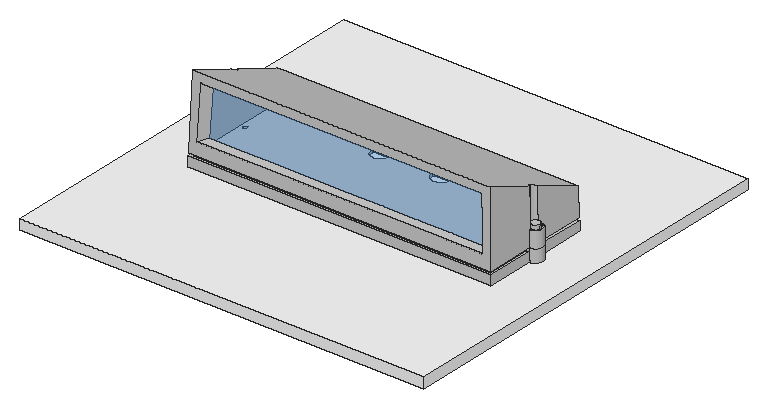
Revit family "BE_24374_de_DE", category Leuchten, Revit 2020
Family settings
  Basisbauteil = Fläche
  Bemaßung runder Anschluss = Durchmesser verwenden
  Teiletyp = Normal
  Beim Laden mit Abzugskörper schneiden = Ja
  Lichtquelle = Ja
  Gemeinsam genutzt = Nein
  Raumberechnungspunkt = Ja
Parameters (values of type "BEGA_24374_Silber_K4")
  built-in parameter 1150104 = 12.765 (stored number, unit not read)
  Wattage = 12.3 W
  Default Elevation = 0 mm
  built-in parameter 1150113 = 1 (stored number, unit not read)
  built-in parameter 1114218 = 1 (stored number, unit not read)
  Umgebungstemperatur = "25 °C"
  URL = "https://www.bega.com/de/produkt/24374"
  Typenkommentare = "© 2022 BEGA. Wir behalten uns das Recht vor, technische Änderungen ohne vorherige Ankündigung vorzunehmen."  # constant formula
  Type Image = 24374.png
  built-in parameter 1150134 = 12
  built-in parameter 1150109 = 1 (stored number, unit not read)
  Strom = ""
  built-in parameter 1150110 = 1 (stored number, unit not read)
  Spannung = 239.996 V
  Sonderanfertigung = no
  Seriennummer [instance] = "Hier können Sie die eindeutige Seriennummer für das Facility Management eintragen."
  Schutzklasse = "I"
  Schutzart = "IP 65"
  Scheinlast = 0 VA
  Produktdatenblatt = "https://cdn.bega.com/bega/products/24374K4/current/documents/data-sheets/de"
  Oberflächentemperatur = ""
  Neigungswinkel = 0.00°
  Modell = "24374AK4"
  Material_17 = BEGA_Reflektor
  Material_15 = BEGA_Leuchtmedium_matt
  Material_11 = BEGA_Glas_opal
  Material_10 = BEGA_Glas_matt
  Material_09 = BEGA_Glas_klar
  Material_06 = BEGA_Oberfläche_Edelstahl_gebürstet
  Material_03 = BEGA_Oberfläche_Weiss_matt
  Material_02 = BEGA_Oberfläche_Silber_matt
  Material_01 [instance] = BEGA_Oberfläche_Grafit_matt
  M_W = no
  M_G = no
  M_A = yes
  Logo = 0
  built-in parameter 1114217 = 1 (stored number, unit not read)
  built-in parameter 1150139 = (empty or 0)
  built-in parameter 1150105 = 134.49 (stored number, unit not read)
  built-in parameter 1150114 = 1 (stored number, unit not read)
  Lumens = 1690.02 lm
  built-in parameter 1150115 = 1 (stored number, unit not read)
  Leuchtenlichtstrom = "1199 lm"
  Leuchtenanzahl = ""
  Lebensdauerkriterien = "L70B50 @ 25 °C = 200000 h"
  Lastklassifizierung = Beleuchtung
  built-in parameter 1150112 = 1 (stored number, unit not read)
  Lampenlichtstrom = "2125 lm"
  Lampe = "LED 12 W"
  LED_Modulbezeichnung = "LED-0519/840"
  built-in parameter 1150142 = (empty or 0)
  Hersteller = "BEGA"  # constant formula
  Halbstreuwinkel = ""
  Gewicht = "1.55 kg"
  Gebrauchslageneinschränkung [instance] = ""
  Frequenz = "0/50-60 Hz"
  Farbwiedergabeindex = "CRI > 80"
  Farbtemperaturverschiebung bei Dämpfen der Lampe = <Keine Auswahl>
  Farbtemperatur = "4000 K"
  Color Filter = 16777215
  built-in parameter 1150133 = 10 (stored number, unit not read)
  Energieeffizienzklasse = "LED A++ - A"
  built-in parameter 1150137 = (empty or 0)
  built-in parameter 1150132 = (empty or 0)
  ENEC = "ja"
  Dimmbar [instance] = "DALI"
  Datei für fotometrisches Netz = "BE_24374K4.IES"
  CE_Konformität = "ja"
  Bestellnummer = "24374AK4"
  Beschreibung_Sonderanfertigung = "Hier können Sie Informationen zur Sonderanfertigung eintragen."
  Beschreibung = "Wandleuchte"
  built-in parameter 1150106 = 1.3449 (stored number, unit not read)
  Befestigungsbohrung = "Ø 5 mm"
  Befestigungsabstand = "274 mm"
  Ballwurfsicher = ""
  BEGA_Intern_aus = yes
  BEGA_Intern_an = yes
  BEGA_Intern_Konstruktion = yes
  BEGA_Intern = yes
  BEGA_IES = yes
  BEGA_Dummy = no
  Anschlussleitung = ""
  Anschlussleistung [instance] = "15 W"
  Anschlusskasten = ""
  built-in parameter 1150107 = 4000 (stored number, unit not read)
  built-in parameter 1150102 = (empty or 0)
  built-in parameter 1150138 = (empty or 0)
  Aktualisierung = "2022-05-18T04:00:07"
  Abstand_zur_angestrahlten_Fläche [instance] = ""
  AC/DC = "AC/DC"
Types (4, lengths in mm): name | built-in parameter 1150134 | Modell | M_G | M_A | Leuchtenlichtstrom | Lampenlichtstrom | LED_Modulbezeichnung | Farbtemperatur | Datei für fotometrisches Netz | Bestellnummer | built-in parameter 1150107
  BEGA_24374_Grafit_K4 | 12 | "24374K4" | yes | no | "1199 lm" | "2125 lm" | "LED-0519/840" | "4000 K" | "BE_24374K4.IES" | "24374K4" | 4000 (stored number, unit not read)
  BEGA_24374_Silber_K3 | (empty or 0) | "24374AK3" | no | yes | "1182 lm" | "2095 lm" | "LED-0519/830" | "3000 K" | "BE_24374K3.IES" | "24374AK3" | 3000 (stored number, unit not read)
  BEGA_24374_Grafit_K3 | (empty or 0) | "24374K3" | yes | no | "1182 lm" | "2095 lm" | "LED-0519/830" | "3000 K" | "BE_24374K3.IES" | "24374K3" | 3000 (stored number, unit not read)
  BEGA_24374_Silber_K4 | 12 | "24374AK4" | no | yes | "1199 lm" | "2125 lm" | "LED-0519/840" | "4000 K" | "BE_24374K4.IES" | "24374AK4" | 4000 (stored number, unit not read)
Reference planes
  plane 1 "Mitte (Vorne/Hinten)": y = 0
  plane 2: z = 0
  plane 3 "Mitte (Links/Rechts)": x = 0
  plane 4 "Links": x = -157.5
  plane 5 "Rechts": x = 157.5
  plane 6 "Unten": y = -55
  plane 7 "Oben": y = 55
  plane 8 "Vorne": z = 85
  plane 9 "Hinten": z = 0
Forms (mm)
  Extrusion 1, solid, material "BEGA_Platte_Weiss"
    sketch origin (0, -1119.2, 0) x (1, 0, 0) y (0, 1, 0)
      loop
        line (-200, 1319.2) -> (-200, 919.2) -> (200, 919.2) -> (200, 1319.2) -> (-200, 1319.2)
    from 0 to -10
  Extrusion 2, solid, material "BEGA_Dummy_matt", visible <- "BEGA_Dummy"
    sketch origin (80.095, -76.023, 0) x (1, 0, 0) y (0, 1, 0)
      loop
        line (-237.595, 131.023) -> (-237.595, 21.023) -> (77.404, 21.023) -> (77.404, 131.023) -> (-237.595, 131.023)
    from 0 to 25.379
Dimensions and locks
  plane 1 "Mitte (Vorne/Hinten)" to Extrusion 1 = 200 mm
  aligned and locked: plane 2 to Extrusion 1
  aligned and locked: level to Extrusion 1
Nested families
  nested 1: "BE_24374" at (0, 0, 0), type "BE_24374"
Connectors
  electrical at (0, 0, 0), driven by "Lastklassifizierung", driven by "Spannung", driven by "Scheinlast"
    settings: index 1, voltage 239.996 V, apparent load 0 VA, apparent load phase1 0 VA, apparent load phase2 0 VA, apparent load phase3 0 VA, power factor 1, load classification "Beleuchtung", number of poles 1, system type 31, power factor state 1, is connector primary yes, connector utility no, sub classification motor no, connector description ""
Definition of nested family "BE_24374"
  Parameters (values of type "BE_24374")
    Default Elevation = 1 mm
    URL = "http://www.bega.de/de/produkt"
    Type Comments = "© 2015 BEGA. Wir behalten uns das Recht vor, technische Änderungen ohne vorherige Ankündigung vorzunehmen. "  # constant formula
    Type Image = (empty or 0)
    Material_17 = none
    Material_15 = none
    Material_11 = none
    Material_10 = none
    Material_09 = none
    Material_06 = none
    Material_03 = none
    Material_02 = none
    Material_01 = none
    M_W = yes
    M_G = yes
    M_A = yes
    Länge_Platte = 400 mm  # constant formula
    Höhe_Platte = -10 mm  # constant formula
    Manufacturer = "BEGA"  # constant formula
    Breite_Platte = 200 mm  # constant formula
  Reference planes
    plane 1 "Mitte (Oben/Unten)": y = 0
    plane 2: z = 0
    plane 3 "Mitte (Links/Rechts)": x = 0
    plane 4 "Hinten": z = 0
    plane 5 "Unten": y = -55
    plane 6: x = -157.5
    plane 7: z = 85
    plane 8: x = 157.5
    plane 9: y = 55
  Forms (mm)
    Extrusion 1, solid, detail levels medium
      sketch origin (0, 0, 0) x (1, 0, 0) y (0, 1, 0)
        loop
          line (-200, 100) -> (-200, -100) -> (200, -100) -> (200, 100) -> (-200, 100)
      from 0 to -10 <- "Höhe_Platte"
    Extrusion 2, solid, material <- "Material_01", visible <- "M_G", detail levels medium+fine
      sketch origin (0, 0, 0) x (0, 1, 0) y (0, 0, 1)
        loop
          line (54.6, 12) -> (53.615, 40.2) -> (-52.051, 85) -> (-54.6, 12) -> (-52.3, 12) -> (-52.143, 16.5) -> (-45.263, 16.5) -> (-43.091, 78.703) -> (44.386, 41.615) -> (45.263, 16.5) -> (52.143, 16.5) -> (52.3, 12) -> (54.6, 12)
      from -149.58 to 149.58
    Extrusion 3, solid, material <- "Material_01", visible <- "M_G", detail levels medium+fine
      sketch origin (0, 0, 0) x (0, 1, 0) y (0, 0, 1)
        loop
          line (53.615, 40.2) -> (-52.051, 85) -> (-54.6, 12) -> (54.6, 12) -> (53.615, 40.2)
      from -149.58 to -143.033
    Extrusion 4, solid, material <- "Material_01", visible <- "M_G", detail levels medium+fine
      sketch origin (0, 0, 0) x (0, 1, 0) y (0, 0, -1)
        loop
          line (53.615, -40.2) -> (54.6, -12) -> (-54.6, -12) -> (-52.051, -85) -> (53.615, -40.2)
      from -149.58 to -143.878
    Extrusion 5, void
      sketch origin (0, 0, 0) x (1, 0, 0) y (0, 0, 1)
        loop
          line (-146.975, 86.584) -> (-149.58, 86.584) -> (-149.58, 12) -> (-146.975, 86.584)
      from -56.602 to 58.291
    Extrusion 6, void
      sketch origin (0, 0, 0) x (-1, 0, 0) y (0, 0, -1)
        loop
          line (-146.975, -86.584) -> (-149.58, -12) -> (-149.58, -86.584) -> (-146.975, -86.584)
      from -56.602 to 58.291
    Extrusion 7, solid, material <- "Material_01", visible <- "M_G", detail levels medium+fine
      sketch origin (0, 0, 0) x (-1, 0, 0) y (0, -1, 0)
        loop
          line (-146.067, -7.186) -> (-146.067, 7.186) -> (-150, 7.186)
          arc (-150, 7.186) -> (-157.186, 0.001) -> (-150.002, -7.186) r 7.186
          line (-150.002, -7.186) -> (-146.067, -7.186)
      from 12 to 28
    Sweep 8, solid, material <- "Material_01", visible <- "M_G", detail levels medium+fine
      path in 3D
        loop
          line (-149.58, 54.6, 12) -> (-149.58, -54.6, 12) -> (149.58, -54.6, 12) -> (149.58, 54.6, 12) -> (-149.58, 54.6, 12)
      profile origin (0, 54.6, 12) x (0, 1, 0) y (0, 0, -1)
        loop
          line (0.4, 12) -> (-1.901, 12) -> (-2.102, 6.267)
          arc (-2.102, 6.267) -> (-2.406, 5.581) -> (-3.116, 5.3) r 1
          arc (-3.116, 5.3) -> (-4.504, 4.739) -> (-5.114, 3.372) r 2
          line (-5.114, 3.372) -> (-5.246, -0.4) -> (-27.587, -0.4) -> (-27.587, -2.7) -> (-3.025, -2.7) -> (-2.826, 3) -> (0.086, 3) -> (0.4, 12)
    Extrusion 9, solid, material <- "Material_01", visible <- "M_G", detail levels medium+fine
      sketch origin (0, 0, 0) x (1, 0, 0) y (0, 1, 0)
        loop
          line (-121.993, 27.013) -> (-121.993, -27.013) -> (121.993, -27.013) -> (121.993, 27.013) -> (-121.993, 27.013)
      from 14.7 to 12.4
    Extrusion 10, solid, material <- "Material_01", visible <- "M_G", detail levels medium+fine
      sketch origin (0, 0, 0) x (-1, 0, 0) y (0, -1, 0)
        loop
          line (-145.279, -7.5) -> (-145.279, 7.5) -> (-150, 7.5)
          arc (-150, 7.5) -> (-157.5, 0.001) -> (-150.001, -7.5) r 7.5
          line (-150.001, -7.5) -> (-145.279, -7.5)
      from 0 to 12
    Extrusion 11, solid, material <- "Material_01", visible <- "M_G", detail levels medium+fine
      sketch origin (0, 0, 0) x (1, 0, 0) y (0, 1, 0)
        loop
          line (-146.067, 7.186) -> (-150.002, 7.186)
          arc (-150.002, 7.186) -> (-157.186, -0.001) -> (-150, -7.186) r 7.186
          line (-150, -7.186) -> (-146.067, -7.186) -> (-146.067, 7.186)
      from 12 to 28
    Extrusion 12, solid, material <- "Material_01", visible <- "M_G", detail levels medium+fine
      sketch origin (0, 0, 0) x (1, 0, 0) y (0, 1, 0)
        loop
          line (-145.279, 7.5) -> (-150.001, 7.5)
          arc (-150.001, 7.5) -> (-157.5, -0.001) -> (-150, -7.5) r 7.5
          line (-150, -7.5) -> (-145.279, -7.5) -> (-145.279, 7.5)
      from 0 to 12
    Sweep 13, solid, material <- "Material_02", visible <- "M_A", detail levels medium+fine
      path in 3D
        loop
          line (-149.58, 54.6, 12) -> (-149.58, -54.6, 12) -> (149.58, -54.6, 12) -> (149.58, 54.6, 12) -> (-149.58, 54.6, 12)
      profile origin (0, 54.6, 12) x (0, 1, 0) y (0, 0, -1)
        loop
          line (0.4, 12) -> (-1.901, 12) -> (-2.102, 6.267)
          arc (-2.102, 6.267) -> (-2.406, 5.581) -> (-3.116, 5.3) r 1
          arc (-3.116, 5.3) -> (-4.504, 4.739) -> (-5.114, 3.372) r 2
          line (-5.114, 3.372) -> (-5.246, -0.4) -> (-27.587, -0.4) -> (-27.587, -2.7) -> (-3.025, -2.7) -> (-2.826, 3) -> (0.086, 3) -> (0.4, 12)
    Extrusion 14, solid, material <- "Material_02", visible <- "M_A", detail levels medium+fine
      sketch origin (0, 0, 0) x (1, 0, 0) y (0, 1, 0)
        loop
          line (-121.993, 27.013) -> (-121.993, -27.013) -> (121.993, -27.013) -> (121.993, 27.013) -> (-121.993, 27.013)
      from 14.7 to 12.4
    Extrusion 15, solid, material <- "Material_02", visible <- "M_A", detail levels medium+fine
      sketch origin (0, 0, 0) x (-1, 0, 0) y (0, -1, 0)
        loop
          line (-145.279, -7.5) -> (-145.279, 7.5) -> (-150, 7.5)
          arc (-150, 7.5) -> (-157.5, 0.001) -> (-150.001, -7.5) r 7.5
          line (-150.001, -7.5) -> (-145.279, -7.5)
      from 0 to 12
    Extrusion 16, solid, material <- "Material_02", visible <- "M_A", detail levels medium+fine
      sketch origin (0, 0, 0) x (1, 0, 0) y (0, 1, 0)
        loop
          line (-145.279, 7.5) -> (-150.001, 7.5)
          arc (-150.001, 7.5) -> (-157.5, -0.001) -> (-150, -7.5) r 7.5
          line (-150, -7.5) -> (-145.279, -7.5) -> (-145.279, 7.5)
      from 0 to 12
    Extrusion 17, solid, material <- "Material_02", visible <- "M_A", detail levels medium+fine
      sketch origin (0, 0, 0) x (0, 1, 0) y (0, 0, 1)
        loop
          line (54.6, 12) -> (53.615, 40.2) -> (-52.051, 85) -> (-54.6, 12) -> (-52.3, 12) -> (-52.143, 16.5) -> (-45.263, 16.5) -> (-43.091, 78.703) -> (44.386, 41.615) -> (45.263, 16.5) -> (52.143, 16.5) -> (52.3, 12) -> (54.6, 12)
      from -149.58 to 149.58
    Extrusion 18, solid, material <- "Material_02", visible <- "M_A", detail levels medium+fine
      sketch origin (0, 0, 0) x (0, 1, 0) y (0, 0, 1)
        loop
          line (53.615, 40.2) -> (-52.051, 85) -> (-54.6, 12) -> (54.6, 12) -> (53.615, 40.2)
      from -149.58 to -143.033
    Extrusion 19, solid, material <- "Material_02", visible <- "M_A", detail levels medium+fine
      sketch origin (0, 0, 0) x (0, 1, 0) y (0, 0, -1)
        loop
          line (53.615, -40.2) -> (54.6, -12) -> (-54.6, -12) -> (-52.051, -85) -> (53.615, -40.2)
      from -149.58 to -143.878
    Extrusion 20, solid, material <- "Material_02", visible <- "M_A", detail levels medium+fine
      sketch origin (0, 0, 0) x (-1, 0, 0) y (0, -1, 0)
        loop
          line (-146.067, -7.186) -> (-146.067, 7.186) -> (-150, 7.186)
          arc (-150, 7.186) -> (-157.186, 0.001) -> (-150.002, -7.186) r 7.186
          line (-150.002, -7.186) -> (-146.067, -7.186)
      from 12 to 28
    Extrusion 21, solid, material <- "Material_02", visible <- "M_A", detail levels medium+fine
      sketch origin (0, 0, 0) x (1, 0, 0) y (0, 1, 0)
        loop
          line (-146.067, 7.186) -> (-150.002, 7.186)
          arc (-150.002, 7.186) -> (-157.186, -0.001) -> (-150, -7.186) r 7.186
          line (-150, -7.186) -> (-146.067, -7.186) -> (-146.067, 7.186)
      from 12 to 28
    Extrusion 22, void
      sketch origin (0, 0, 0) x (1, 0, 0) y (0, 0, 1)
        loop
          line (-149.58, 12) -> (-146.928, 87.951) -> (-149.58, 87.951) -> (-149.58, 12)
      from -56.602 to 58.291
    Extrusion 23, void
      sketch origin (0, 0, 0) x (-1, 0, 0) y (0, 0, -1)
        loop
          line (-149.58, -12) -> (-149.58, -87.951) -> (-146.928, -87.951) -> (-149.58, -12)
      from -56.602 to 58.291
    Extrusion 24, void
      sketch origin (0, 0, 0) x (1, 0, 0) y (0, 1, 0)
        loop
          circle (-137, 0) r 2.295
        loop
          circle (137, 0) r 2.295
        loop
          circle (-29.98, 32.956) r 8.5
        loop
          circle (30.02, 32.956) r 8.5
      from 0 to 17.494
    Extrusion 25, void
      sketch origin (0, 0, 0) x (1, 0, 0) y (0, 1, 0)
        loop
          circle (-150, 0) r 5.401
        loop
          circle (150, 0) r 5.401
      from 24.531 to 92.967
    Extrusion 26, void
      sketch origin (0, 0, 0) x (1, 0, 0) y (0, 1, 0)
        loop
          circle (-150, 0) r 2.4
        loop
          circle (150, 0) r 2.4
      from 0 to 24.531
    Extrusion 27, solid, material <- "Material_06", detail levels fine
      sketch origin (0, 0, 0) x (1, 0, 0) y (0, 1, 0)
        loop
          circle (-150, 0) r 4.4
        loop
          circle (150, 0) r 4.4
      from 24.531 to 31.246
    Blend 28, void
      base sketch origin (0, 0, 0) x (1, 0, 0) y (0, 0, 1)
        loop
          line (-135.746, 25.489) -> (135.781, 25.489) -> (134.098, 73.703) -> (-134.063, 73.703) -> (-135.746, 25.489)
      top sketch origin (0, 0, 0) x (1, 0, 0) y (0, 0, 1)
        loop
          line (-139.775, 78) -> (-141.637, 24.7) -> (141.637, 24.7) -> (139.775, 78) -> (-139.775, 78)
      from 42.635 to 54.455
    Extrusion 29, solid, material <- "Material_10", detail levels medium+fine
      sketch origin (0, 0, 0) x (0, 1, 0) y (0, 0, 1)
        loop
          line (-38.861, 76.632) -> (-42.859, 76.772) -> (-44.848, 19.807) -> (-40.85, 19.667) -> (-38.861, 76.632)
      from -139.005 to 139.02
  Cuts and joins
    Extrusion 5, Extrusion 6, Extrusion 22, Extrusion 23, Extrusion 24, Extrusion 25, Extrusion 26, Blend 28 cuts Extrusion 2
    Extrusion 5, Extrusion 6, Extrusion 22, Extrusion 23, Extrusion 24, Extrusion 25, Extrusion 26, Blend 28 cuts Extrusion 3
    Extrusion 5, Extrusion 6, Extrusion 22, Extrusion 23, Extrusion 24, Extrusion 25, Extrusion 26, Blend 28 cuts Extrusion 4
    Extrusion 22, Extrusion 24, Extrusion 25, Extrusion 26, Blend 28 cuts Extrusion 7
    Extrusion 23, Extrusion 24, Extrusion 25, Extrusion 26, Blend 28 cuts Extrusion 11
    joined: Extrusion 2, Extrusion 3, Extrusion 4, Extrusion 7, Extrusion 11
    Extrusion 24, Extrusion 25, Extrusion 26 cuts Sweep 8
    Extrusion 24, Extrusion 25, Extrusion 26 cuts Extrusion 9
    Extrusion 24, Extrusion 25, Extrusion 26 cuts Extrusion 10
    Extrusion 24, Extrusion 25, Extrusion 26 cuts Extrusion 12
    joined: Sweep 8, Extrusion 9, Extrusion 10, Extrusion 12
    Extrusion 24, Extrusion 25, Extrusion 26 cuts Sweep 13
    Extrusion 24, Extrusion 25, Extrusion 26 cuts Extrusion 14
    Extrusion 24, Extrusion 25, Extrusion 26 cuts Extrusion 15
    Extrusion 24, Extrusion 25, Extrusion 26 cuts Extrusion 16
    joined: Sweep 13, Extrusion 14, Extrusion 15, Extrusion 16
    Extrusion 22, Extrusion 23, Extrusion 24, Extrusion 25, Extrusion 26, Blend 28 cuts Extrusion 17
    Extrusion 22, Extrusion 23, Extrusion 24, Extrusion 25, Extrusion 26, Blend 28 cuts Extrusion 18
    Extrusion 22, Extrusion 23, Extrusion 24, Extrusion 25, Extrusion 26, Blend 28 cuts Extrusion 19
    Extrusion 22, Extrusion 24, Extrusion 25, Extrusion 26, Blend 28 cuts Extrusion 20
    Extrusion 23, Extrusion 24, Extrusion 25, Extrusion 26, Blend 28 cuts Extrusion 21
    joined: Extrusion 17, Extrusion 18, Extrusion 19, Extrusion 20, Extrusion 21
  Lines and regions (mm)
    sketch lines
      curve 1: line (149.58, 54.6, 12) -> (-149.58, 54.6, 12)
      curve 2: line (149.58, -54.6, 12) -> (-149.58, -54.6, 12)
      curve 3: line (-149.58, -54.6, 12) -> (-149.58, 54.6, 12)
      curve 4: line (149.58, 54.6, 12) -> (149.58, -54.6, 12)
      curve 5: line (149.58, 54.6, 12) -> (-149.58, 54.6, 12)
      curve 6: line (149.58, -54.6, 12) -> (-149.58, -54.6, 12)
      curve 7: line (-149.58, -54.6, 12) -> (-149.58, 54.6, 12)
      curve 8: line (149.58, 54.6, 12) -> (149.58, -54.6, 12)
  Dimensions and locks
    equal spacing: Extrusion 1 sketch curve, plane 3 "Mitte (Links/Rechts)", Extrusion 1 sketch curve
    equal spacing: Extrusion 1 sketch curve, plane 1 "Mitte (Oben/Unten)", Extrusion 1 sketch curve
    "Länge_Platte": Extrusion 1 sketch curve to Extrusion 1 sketch curve
    "Breite_Platte": Extrusion 1 sketch curve to Extrusion 1 sketch curve
    aligned and locked: plane 2 to Extrusion 1
    aligned and locked: level to Extrusion 1
  Automatic sketch dimensions
    level to Extrusion 2 sketch curve = 12 mm  (x2)
    plane 1 "Mitte (Oben/Unten)" to Extrusion 2 sketch curve = 54.6 mm
    Extrusion 2 sketch curve to Extrusion 2 sketch curve = 2.3 mm  (x2)
    level to Extrusion 2 sketch curve = 16.5 mm  (x2)
    Extrusion 2 sketch curve to Extrusion 2 sketch curve = 0.157 mm  (x2)
    plane 1 "Mitte (Oben/Unten)" to Extrusion 2 sketch curve = 52.051 mm
    Extrusion 2 sketch curve to Extrusion 2 sketch curve = 6.879 mm  (x2)
    Extrusion 2 sketch curve to Extrusion 2 sketch curve = 8.96 mm
    Extrusion 2 sketch curve to plane 1 "Mitte (Oben/Unten)" = 44.386 mm
    Extrusion 2 sketch curve to Extrusion 2 sketch curve = 0.877 mm
    Extrusion 2 sketch curve to Extrusion 2 sketch curve = 9.229 mm
    Extrusion 2 sketch curve to Extrusion 2 sketch curve = 23.7 mm
    Extrusion 2 sketch curve to Extrusion 2 sketch curve = 1.415 mm
    Extrusion 2 sketch curve to Extrusion 2 sketch curve = 62.203 mm
    Extrusion 2 sketch curve to Extrusion 2 sketch curve = 6.297 mm
    level to Extrusion 3 sketch curve = 12 mm
    plane 1 "Mitte (Oben/Unten)" to Extrusion 3 sketch curve = 54.6 mm
    plane 1 "Mitte (Oben/Unten)" to Extrusion 3 sketch curve = 52.051 mm
    Extrusion 3 sketch curve to plane 1 "Mitte (Oben/Unten)" = 53.615 mm
    Extrusion 3 sketch curve to Extrusion 3 sketch curve = 0.985 mm
    Extrusion 3 sketch curve to Extrusion 3 sketch curve = 28.2 mm
    Extrusion 3 sketch curve to Extrusion 3 sketch curve = 73 mm
    level to Extrusion 4 sketch curve = 12 mm
    plane 1 "Mitte (Oben/Unten)" to Extrusion 4 sketch curve = 54.6 mm
    plane 1 "Mitte (Oben/Unten)" to Extrusion 4 sketch curve = 52.051 mm
    Extrusion 4 sketch curve to plane 1 "Mitte (Oben/Unten)" = 53.615 mm
    Extrusion 4 sketch curve to Extrusion 4 sketch curve = 0.985 mm
    Extrusion 4 sketch curve to Extrusion 4 sketch curve = 28.2 mm
    Extrusion 4 sketch curve to Extrusion 4 sketch curve = 73 mm
    level to Extrusion 5 sketch curve = 12 mm
    Extrusion 5 sketch curve to Extrusion 5 sketch curve = 2.605 mm
    Extrusion 5 sketch curve to Extrusion 5 sketch curve = 74.584 mm
    Extrusion 6 sketch curve to level = 12 mm
    Extrusion 6 sketch curve to Extrusion 6 sketch curve = 2.605 mm
    Extrusion 6 sketch curve to Extrusion 6 sketch curve = 74.584 mm
    plane 1 "Mitte (Oben/Unten)" to Extrusion 7 sketch curve = 0 mm
    Extrusion 7 sketch curve to Extrusion 7 sketch curve = 3.933 mm
    Extrusion 7 sketch curve to plane 1 "Mitte (Oben/Unten)" = 7.186 mm
    Extrusion 7 sketch curve to Extrusion 7 sketch curve = 3.935 mm
    Extrusion 7 sketch curve to Extrusion 7 sketch curve = 0.002 mm
    Sweep 8 sketch curve to profile plane = 2.7 mm
    profile plane to Sweep 8 sketch curve = 27.587 mm
    Sweep 8 sketch curve to profile plane = 0.4 mm  (x2)
    profile plane to Sweep 8 sketch curve = 5.246 mm
    Sweep 8 sketch curve to Sweep 8 sketch curve = 0.132 mm
    Sweep 8 sketch curve to Sweep 8 sketch curve = 1.999 mm
    Sweep 8 sketch curve to Sweep 8 sketch curve = 0.015 mm  (x3)
    profile plane to Sweep 8 sketch curve = 3.025 mm
    Sweep 8 sketch curve to Sweep 8 sketch curve = 0.29 mm
    Sweep 8 sketch curve to Sweep 8 sketch curve = 0.999 mm
    profile plane to Sweep 8 sketch curve = 1.901 mm
    Sweep 8 sketch curve to profile plane = 0.086 mm
    profile plane to Sweep 8 sketch curve = 3 mm
    Sweep 8 sketch curve to Sweep 8 sketch curve = 0.3 mm
    Sweep 8 sketch curve to Sweep 8 sketch curve = 0.072 mm
    Sweep 8 sketch curve to Sweep 8 sketch curve = 0.967 mm
    Sweep 8 sketch curve to Sweep 8 sketch curve = 0.033 mm
    Sweep 8 sketch curve to Sweep 8 sketch curve = 5.733 mm
    plane 1 "Mitte (Oben/Unten)" to Extrusion 9 sketch curve = 27.013 mm
    Extrusion 9 sketch curve to plane 1 "Mitte (Oben/Unten)" = 27.013 mm
    plane 1 "Mitte (Oben/Unten)" to Extrusion 10 sketch curve = 0 mm
    Extrusion 10 sketch curve to Extrusion 10 sketch curve = 4.721 mm
    Extrusion 10 sketch curve to plane 1 "Mitte (Oben/Unten)" = 7.5 mm
    Extrusion 10 sketch curve to Extrusion 10 sketch curve = 4.723 mm
    Extrusion 10 sketch curve to Extrusion 10 sketch curve = 0.001 mm
    plane 1 "Mitte (Oben/Unten)" to Extrusion 11 sketch curve = 0 mm
    Extrusion 11 sketch curve to Extrusion 11 sketch curve = 3.933 mm
    plane 1 "Mitte (Oben/Unten)" to Extrusion 11 sketch curve = 7.186 mm
    Extrusion 11 sketch curve to Extrusion 11 sketch curve = 3.935 mm
    Extrusion 11 sketch curve to Extrusion 11 sketch curve = 0.002 mm
    plane 1 "Mitte (Oben/Unten)" to Extrusion 12 sketch curve = 0 mm
    Extrusion 12 sketch curve to Extrusion 12 sketch curve = 4.721 mm
    plane 1 "Mitte (Oben/Unten)" to Extrusion 12 sketch curve = 7.5 mm
    Extrusion 12 sketch curve to Extrusion 12 sketch curve = 4.723 mm
    Extrusion 12 sketch curve to Extrusion 12 sketch curve = 0.001 mm
    Sweep 13 sketch curve to profile plane = 2.7 mm
    profile plane to Sweep 13 sketch curve = 27.587 mm
    Sweep 13 sketch curve to profile plane = 0.4 mm  (x2)
    profile plane to Sweep 13 sketch curve = 5.246 mm
    Sweep 13 sketch curve to Sweep 13 sketch curve = 0.132 mm
    Sweep 13 sketch curve to Sweep 13 sketch curve = 1.999 mm
    Sweep 13 sketch curve to Sweep 13 sketch curve = 0.015 mm  (x3)
    profile plane to Sweep 13 sketch curve = 3.025 mm
    Sweep 13 sketch curve to Sweep 13 sketch curve = 0.29 mm
    Sweep 13 sketch curve to Sweep 13 sketch curve = 0.999 mm
    profile plane to Sweep 13 sketch curve = 1.901 mm
    Sweep 13 sketch curve to profile plane = 0.086 mm
    profile plane to Sweep 13 sketch curve = 3 mm
    Sweep 13 sketch curve to Sweep 13 sketch curve = 0.3 mm
    Sweep 13 sketch curve to Sweep 13 sketch curve = 0.072 mm
    Sweep 13 sketch curve to Sweep 13 sketch curve = 0.967 mm
    Sweep 13 sketch curve to Sweep 13 sketch curve = 0.033 mm
    Sweep 13 sketch curve to Sweep 13 sketch curve = 5.733 mm
    plane 1 "Mitte (Oben/Unten)" to Extrusion 14 sketch curve = 27.013 mm
    Extrusion 14 sketch curve to plane 1 "Mitte (Oben/Unten)" = 27.013 mm
    plane 1 "Mitte (Oben/Unten)" to Extrusion 15 sketch curve = 0 mm
    Extrusion 15 sketch curve to Extrusion 15 sketch curve = 4.721 mm
    Extrusion 15 sketch curve to plane 1 "Mitte (Oben/Unten)" = 7.5 mm
    Extrusion 15 sketch curve to Extrusion 15 sketch curve = 4.723 mm
    Extrusion 15 sketch curve to Extrusion 15 sketch curve = 0.001 mm
    plane 1 "Mitte (Oben/Unten)" to Extrusion 16 sketch curve = 0 mm
    Extrusion 16 sketch curve to Extrusion 16 sketch curve = 4.721 mm
    plane 1 "Mitte (Oben/Unten)" to Extrusion 16 sketch curve = 7.5 mm
    Extrusion 16 sketch curve to Extrusion 16 sketch curve = 4.723 mm
    Extrusion 16 sketch curve to Extrusion 16 sketch curve = 0.001 mm
    level to Extrusion 17 sketch curve = 12 mm  (x2)
    plane 1 "Mitte (Oben/Unten)" to Extrusion 17 sketch curve = 54.6 mm
    Extrusion 17 sketch curve to Extrusion 17 sketch curve = 2.3 mm  (x2)
    level to Extrusion 17 sketch curve = 16.5 mm  (x2)
    Extrusion 17 sketch curve to Extrusion 17 sketch curve = 0.157 mm  (x2)
    plane 1 "Mitte (Oben/Unten)" to Extrusion 17 sketch curve = 52.051 mm
    Extrusion 17 sketch curve to Extrusion 17 sketch curve = 6.879 mm  (x2)
    Extrusion 17 sketch curve to Extrusion 17 sketch curve = 8.96 mm
    Extrusion 17 sketch curve to plane 1 "Mitte (Oben/Unten)" = 44.386 mm
    Extrusion 17 sketch curve to Extrusion 17 sketch curve = 0.877 mm
    Extrusion 17 sketch curve to Extrusion 17 sketch curve = 9.229 mm
    Extrusion 17 sketch curve to Extrusion 17 sketch curve = 23.7 mm
    Extrusion 17 sketch curve to Extrusion 17 sketch curve = 1.415 mm
    Extrusion 17 sketch curve to Extrusion 17 sketch curve = 62.203 mm
    Extrusion 17 sketch curve to Extrusion 17 sketch curve = 6.297 mm
    level to Extrusion 18 sketch curve = 12 mm
    plane 1 "Mitte (Oben/Unten)" to Extrusion 18 sketch curve = 54.6 mm
    plane 1 "Mitte (Oben/Unten)" to Extrusion 18 sketch curve = 52.051 mm
    Extrusion 18 sketch curve to plane 1 "Mitte (Oben/Unten)" = 53.615 mm
    Extrusion 18 sketch curve to Extrusion 18 sketch curve = 0.985 mm
    Extrusion 18 sketch curve to Extrusion 18 sketch curve = 28.2 mm
    Extrusion 18 sketch curve to Extrusion 18 sketch curve = 73 mm
    level to Extrusion 19 sketch curve = 12 mm
    plane 1 "Mitte (Oben/Unten)" to Extrusion 19 sketch curve = 54.6 mm
    plane 1 "Mitte (Oben/Unten)" to Extrusion 19 sketch curve = 52.051 mm
    Extrusion 19 sketch curve to plane 1 "Mitte (Oben/Unten)" = 53.615 mm
    Extrusion 19 sketch curve to Extrusion 19 sketch curve = 0.985 mm
    Extrusion 19 sketch curve to Extrusion 19 sketch curve = 28.2 mm
    Extrusion 19 sketch curve to Extrusion 19 sketch curve = 73 mm
    plane 1 "Mitte (Oben/Unten)" to Extrusion 20 sketch curve = 0 mm
    Extrusion 20 sketch curve to Extrusion 20 sketch curve = 3.933 mm
    Extrusion 20 sketch curve to plane 1 "Mitte (Oben/Unten)" = 7.186 mm
    Extrusion 20 sketch curve to Extrusion 20 sketch curve = 3.935 mm
    Extrusion 20 sketch curve to Extrusion 20 sketch curve = 0.002 mm
    plane 1 "Mitte (Oben/Unten)" to Extrusion 21 sketch curve = 0 mm
    Extrusion 21 sketch curve to Extrusion 21 sketch curve = 3.933 mm
    plane 1 "Mitte (Oben/Unten)" to Extrusion 21 sketch curve = 7.186 mm
    Extrusion 21 sketch curve to Extrusion 21 sketch curve = 3.935 mm
    Extrusion 21 sketch curve to Extrusion 21 sketch curve = 0.002 mm
    Extrusion 22 sketch curve to Extrusion 22 sketch curve = 2.652 mm
    level to Extrusion 22 sketch curve = 12 mm
    Extrusion 22 sketch curve to Extrusion 22 sketch curve = 75.951 mm
    Extrusion 23 sketch curve to Extrusion 23 sketch curve = 2.652 mm
    Extrusion 23 sketch curve to level = 12 mm
    Extrusion 23 sketch curve to Extrusion 23 sketch curve = 75.951 mm
    Extrusion 24 sketch curve to plane 1 "Mitte (Oben/Unten)" = 0 mm
    Extrusion 24 sketch curve to plane 3 "Mitte (Links/Rechts)" = 29.98 mm
    plane 3 "Mitte (Links/Rechts)" to Extrusion 24 sketch curve = 30.02 mm
    plane 1 "Mitte (Oben/Unten)" to Extrusion 24 sketch curve = 0 mm
    Extrusion 24 sketch curve to plane 1 "Mitte (Oben/Unten)" = 32.956 mm  (x2)
    plane 1 "Mitte (Oben/Unten)" to Extrusion 25 sketch curve = 0 mm  (x2)
    plane 1 "Mitte (Oben/Unten)" to Extrusion 26 sketch curve = 0 mm  (x2)
    Extrusion 27 sketch curve to plane 1 "Mitte (Oben/Unten)" = 0 mm  (x2)
    level to Blend 28 sketch curve = 25.489 mm  (x2)
    Blend 28 sketch curve to Blend 28 sketch curve = 1.684 mm
    Blend 28 sketch curve to Blend 28 sketch curve = 48.213 mm
    Blend 28 sketch curve to Blend 28 sketch curve = 1.683 mm
    level to Blend 28 sketch curve = 78 mm
    level to Blend 28 sketch curve = 24.7 mm
    Blend 28 sketch curve to Blend 28 sketch curve = 1.861 mm  (x2)
    plane 1 "Mitte (Oben/Unten)" to Extrusion 29 sketch curve = 38.861 mm
    level to Extrusion 29 sketch curve = 76.632 mm
    level to Extrusion 29 sketch curve = 19.667 mm
    plane 1 "Mitte (Oben/Unten)" to Extrusion 29 sketch curve = 40.85 mm
    Extrusion 29 sketch curve to Extrusion 29 sketch curve = 3.998 mm  (x2)
    Extrusion 29 sketch curve to Extrusion 29 sketch curve = 0.14 mm
    level to Extrusion 29 sketch curve = 19.807 mm
    Extrusion 5 sketch curve to plane 3 "Mitte (Links/Rechts)" = 149.58 mm
    Extrusion 9 sketch curve to plane 3 "Mitte (Links/Rechts)" = 121.993 mm
    Extrusion 11 sketch curve to plane 3 "Mitte (Links/Rechts)" = 150 mm
    Extrusion 12 sketch curve to plane 3 "Mitte (Links/Rechts)" = 150 mm
    Extrusion 14 sketch curve to plane 3 "Mitte (Links/Rechts)" = 121.993 mm
    Extrusion 16 sketch curve to plane 3 "Mitte (Links/Rechts)" = 150 mm
    Extrusion 21 sketch curve to plane 3 "Mitte (Links/Rechts)" = 150 mm
    Extrusion 22 sketch curve to plane 3 "Mitte (Links/Rechts)" = 149.58 mm
    Extrusion 24 sketch curve to Extrusion 24 sketch curve = 107.02 mm
    Extrusion 25 sketch curve to plane 3 "Mitte (Links/Rechts)" = 150 mm
    Extrusion 26 sketch curve to plane 3 "Mitte (Links/Rechts)" = 150 mm
    Extrusion 27 sketch curve to plane 3 "Mitte (Links/Rechts)" = 150 mm
    Blend 28 sketch curve to plane 3 "Mitte (Links/Rechts)" = 134.063 mm
    Blend 28 sketch curve to plane 3 "Mitte (Links/Rechts)" = 139.775 mm
    Extrusion 6 sketch curve to plane 3 "Mitte (Links/Rechts)" = 149.58 mm
    Extrusion 7 sketch curve to plane 3 "Mitte (Links/Rechts)" = 150 mm
    plane 3 "Mitte (Links/Rechts)" to Extrusion 9 sketch curve = 121.993 mm
    Extrusion 10 sketch curve to plane 3 "Mitte (Links/Rechts)" = 150 mm
    plane 3 "Mitte (Links/Rechts)" to Extrusion 14 sketch curve = 121.993 mm
    Extrusion 15 sketch curve to plane 3 "Mitte (Links/Rechts)" = 150 mm
    Extrusion 20 sketch curve to plane 3 "Mitte (Links/Rechts)" = 150 mm
    Extrusion 23 sketch curve to plane 3 "Mitte (Links/Rechts)" = 149.58 mm
    Extrusion 24 sketch curve to Extrusion 24 sketch curve = 106.98 mm
    plane 3 "Mitte (Links/Rechts)" to Extrusion 25 sketch curve = 150 mm
    plane 3 "Mitte (Links/Rechts)" to Extrusion 26 sketch curve = 150 mm
    plane 3 "Mitte (Links/Rechts)" to Extrusion 27 sketch curve = 150 mm
    plane 3 "Mitte (Links/Rechts)" to Blend 28 sketch curve = 134.098 mm
    plane 3 "Mitte (Links/Rechts)" to Blend 28 sketch curve = 139.775 mm
    radius of Extrusion 24 sketch curve = 2.295 mm  (x2)
    radius of Extrusion 24 sketch curve = 8.5 mm  (x2)
    radius of Extrusion 25 sketch curve = 5.401 mm  (x2)
    radius of Extrusion 26 sketch curve = 2.4 mm  (x2)
    radius of Extrusion 27 sketch curve = 4.4 mm  (x2)
